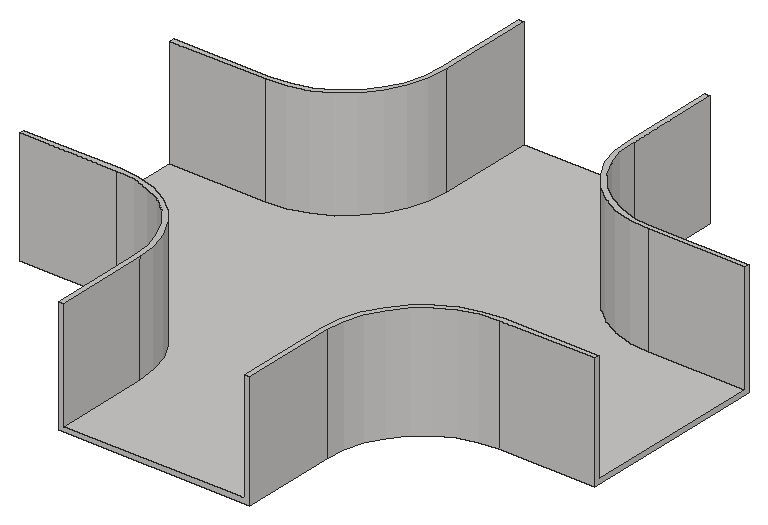
Revit family "S4R_OBO BETTERMANN_CableTray_DoubleTee_RKM FT", category Cable Tray Fittings, Revit 2012
Parameters
  Wholesaler = ""
  Watermarked By = "www.stabiplan.com"
  WIDTH3 [instance] = 100 mm
  WIDTH1 [instance] = 100 mm
  VERSION = "91900"  # constant formula
  URL = "www.stabiplan.com"
  built-in parameter 1140111 [instance] = 2.6 mm
  TYPE [instance] = "RKM FT"  # constant formula
  StabiCAD_PM = ""
  Smallest_L3_L4 [instance] = if(LENGTH3 - WIDTH1 / 2 > LENGTH4 - WIDTH1 / 2, LENGTH3 - WIDTH1 / 2, LENGTH4 - WIDTH1 / 2)  # 100 mm
  Smallest_L1_L2 [instance] = if(LENGTH1 - WIDTH3 / 2 > LENGTH2 - WIDTH3 / 2, LENGTH2 - WIDTH3 / 2, LENGTH1 - WIDTH3 / 2)  # 100 mm
  SmallestLength [instance] = if(Smallest_L1_L2 > Smallest_L3_L4, Smallest_L3_L4, Smallest_L1_L2)  # 100 mm
  RadiusWithThickness [instance] = Radius + [built-in parameter 1140111]  # 52.6 mm
  Radius Label [instance] = 490 mm  # constant formula
  Radius [instance] = 50 mm  # constant formula
  PRODUCTLINE [instance] = "OBO BETTERMANN CableTrays"  # constant formula
  Manufacturer = "OBO BETTERMANN"  # constant formula
  LENGTH4 [instance] = if(and(WIDTH1 = 100 mm, HEIGHT1 = 60 mm, WIDTH3 = 100 mm, ANGLE2 = 90.00°), 150 mm, if(and(WIDTH1 = 150 mm, HEIGHT1 = 60 mm, WIDTH3 = 150 mm, ANGLE2 = 90.00°), 175 mm, if(and(WIDTH1 = 200 mm, HEIGHT1 = 60 mm, WIDTH3 = 200 mm, ANGLE2 = 90.00°), 200 mm, if(and(WIDTH1 = 300 mm, HEIGHT1 = 60 mm, WIDTH3 = 300 mm, ANGLE2 = 90.00°), 250 mm, if(and(WIDTH1 = 400 mm, HEIGHT1 = 60 mm, WIDTH3 = 400 mm, ANGLE2 = 90.00°), 300 mm, if(and(WIDTH1 = 500 mm, HEIGHT1 = 60 mm, WIDTH3 = 500 mm, ANGLE2 = 90.00°), 350 mm, if(and(WIDTH1 = 600 mm, HEIGHT1 = 60 mm, WIDTH3 = 600 mm, ANGLE2 = 90.00°), 400 mm, if(and(WIDTH1 = 100 mm, HEIGHT1 = 110 mm, WIDTH3 = 100 mm, ANGLE2 = 90.00°), 150 mm, if(and(WIDTH1 = 150 mm, HEIGHT1 = 110 mm, WIDTH3 = 150 mm, ANGLE2 = 90.00°), 175 mm, if(and(WIDTH1 = 200 mm, HEIGHT1 = 110 mm, WIDTH3 = 200 mm, ANGLE2 = 90.00°), 200 mm, if(and(WIDTH1 = 300 mm, HEIGHT1 = 110 mm, WIDTH3 = 300 mm, ANGLE2 = 90.00°), 250 mm, if(and(WIDTH1 = 400 mm, HEIGHT1 = 110 mm, WIDTH3 = 400 mm, ANGLE2 = 90.00°), 300 mm, if(and(WIDTH1 = 500 mm, HEIGHT1 = 110 mm, WIDTH3 = 500 mm, ANGLE2 = 90.00°), 350 mm, if(and(WIDTH1 = 600 mm, HEIGHT1 = 110 mm, WIDTH3 = 600 mm, ANGLE2 = 90.00°), 400 mm, if(and(WIDTH1 = 100 mm, HEIGHT1 = 85 mm, WIDTH3 = 100 mm, ANGLE2 = 90.00°), 150 mm, if(and(WIDTH1 = 150 mm, HEIGHT1 = 85 mm, WIDTH3 = 150 mm, ANGLE2 = 90.00°), 175 mm, if(and(WIDTH1 = 200 mm, HEIGHT1 = 85 mm, WIDTH3 = 200 mm, ANGLE2 = 90.00°), 200 mm, if(and(WIDTH1 = 300 mm, HEIGHT1 = 85 mm, WIDTH3 = 300 mm, ANGLE2 = 90.00°), 250 mm, if(and(WIDTH1 = 400 mm, HEIGHT1 = 85 mm, WIDTH3 = 400 mm, ANGLE2 = 90.00°), 300 mm, if(and(WIDTH1 = 500 mm, HEIGHT1 = 85 mm, WIDTH3 = 500 mm, ANGLE2 = 90.00°), 350 mm, if(and(WIDTH1 = 600 mm, HEIGHT1 = 85 mm, WIDTH3 = 600 mm, ANGLE2 = 90.00°), 400 mm, WIDTH3 * 2)))))))))))))))))))))  # 150 mm
  LENGTH3 [instance] = if(and(WIDTH1 = 100 mm, HEIGHT1 = 60 mm, WIDTH3 = 100 mm, ANGLE2 = 90.00°), 150 mm, if(and(WIDTH1 = 150 mm, HEIGHT1 = 60 mm, WIDTH3 = 150 mm, ANGLE2 = 90.00°), 175 mm, if(and(WIDTH1 = 200 mm, HEIGHT1 = 60 mm, WIDTH3 = 200 mm, ANGLE2 = 90.00°), 200 mm, if(and(WIDTH1 = 300 mm, HEIGHT1 = 60 mm, WIDTH3 = 300 mm, ANGLE2 = 90.00°), 250 mm, if(and(WIDTH1 = 400 mm, HEIGHT1 = 60 mm, WIDTH3 = 400 mm, ANGLE2 = 90.00°), 300 mm, if(and(WIDTH1 = 500 mm, HEIGHT1 = 60 mm, WIDTH3 = 500 mm, ANGLE2 = 90.00°), 350 mm, if(and(WIDTH1 = 600 mm, HEIGHT1 = 60 mm, WIDTH3 = 600 mm, ANGLE2 = 90.00°), 400 mm, if(and(WIDTH1 = 100 mm, HEIGHT1 = 110 mm, WIDTH3 = 100 mm, ANGLE2 = 90.00°), 150 mm, if(and(WIDTH1 = 150 mm, HEIGHT1 = 110 mm, WIDTH3 = 150 mm, ANGLE2 = 90.00°), 175 mm, if(and(WIDTH1 = 200 mm, HEIGHT1 = 110 mm, WIDTH3 = 200 mm, ANGLE2 = 90.00°), 200 mm, if(and(WIDTH1 = 300 mm, HEIGHT1 = 110 mm, WIDTH3 = 300 mm, ANGLE2 = 90.00°), 250 mm, if(and(WIDTH1 = 400 mm, HEIGHT1 = 110 mm, WIDTH3 = 400 mm, ANGLE2 = 90.00°), 300 mm, if(and(WIDTH1 = 500 mm, HEIGHT1 = 110 mm, WIDTH3 = 500 mm, ANGLE2 = 90.00°), 350 mm, if(and(WIDTH1 = 600 mm, HEIGHT1 = 110 mm, WIDTH3 = 600 mm, ANGLE2 = 90.00°), 400 mm, if(and(WIDTH1 = 100 mm, HEIGHT1 = 85 mm, WIDTH3 = 100 mm, ANGLE2 = 90.00°), 150 mm, if(and(WIDTH1 = 150 mm, HEIGHT1 = 85 mm, WIDTH3 = 150 mm, ANGLE2 = 90.00°), 175 mm, if(and(WIDTH1 = 200 mm, HEIGHT1 = 85 mm, WIDTH3 = 200 mm, ANGLE2 = 90.00°), 200 mm, if(and(WIDTH1 = 300 mm, HEIGHT1 = 85 mm, WIDTH3 = 300 mm, ANGLE2 = 90.00°), 250 mm, if(and(WIDTH1 = 400 mm, HEIGHT1 = 85 mm, WIDTH3 = 400 mm, ANGLE2 = 90.00°), 300 mm, if(and(WIDTH1 = 500 mm, HEIGHT1 = 85 mm, WIDTH3 = 500 mm, ANGLE2 = 90.00°), 350 mm, if(and(WIDTH1 = 600 mm, HEIGHT1 = 85 mm, WIDTH3 = 600 mm, ANGLE2 = 90.00°), 400 mm, WIDTH3 * 2)))))))))))))))))))))  # 150 mm
  LENGTH2 [instance] = if(and(WIDTH1 = 100 mm, HEIGHT1 = 60 mm, WIDTH3 = 100 mm, ANGLE2 = 90.00°), 150 mm, if(and(WIDTH1 = 150 mm, HEIGHT1 = 60 mm, WIDTH3 = 150 mm, ANGLE2 = 90.00°), 175 mm, if(and(WIDTH1 = 200 mm, HEIGHT1 = 60 mm, WIDTH3 = 200 mm, ANGLE2 = 90.00°), 200 mm, if(and(WIDTH1 = 300 mm, HEIGHT1 = 60 mm, WIDTH3 = 300 mm, ANGLE2 = 90.00°), 250 mm, if(and(WIDTH1 = 400 mm, HEIGHT1 = 60 mm, WIDTH3 = 400 mm, ANGLE2 = 90.00°), 300 mm, if(and(WIDTH1 = 500 mm, HEIGHT1 = 60 mm, WIDTH3 = 500 mm, ANGLE2 = 90.00°), 350 mm, if(and(WIDTH1 = 600 mm, HEIGHT1 = 60 mm, WIDTH3 = 600 mm, ANGLE2 = 90.00°), 400 mm, if(and(WIDTH1 = 100 mm, HEIGHT1 = 110 mm, WIDTH3 = 100 mm, ANGLE2 = 90.00°), 150 mm, if(and(WIDTH1 = 150 mm, HEIGHT1 = 110 mm, WIDTH3 = 150 mm, ANGLE2 = 90.00°), 175 mm, if(and(WIDTH1 = 200 mm, HEIGHT1 = 110 mm, WIDTH3 = 200 mm, ANGLE2 = 90.00°), 200 mm, if(and(WIDTH1 = 300 mm, HEIGHT1 = 110 mm, WIDTH3 = 300 mm, ANGLE2 = 90.00°), 250 mm, if(and(WIDTH1 = 400 mm, HEIGHT1 = 110 mm, WIDTH3 = 400 mm, ANGLE2 = 90.00°), 300 mm, if(and(WIDTH1 = 500 mm, HEIGHT1 = 110 mm, WIDTH3 = 500 mm, ANGLE2 = 90.00°), 350 mm, if(and(WIDTH1 = 600 mm, HEIGHT1 = 110 mm, WIDTH3 = 600 mm, ANGLE2 = 90.00°), 400 mm, if(and(WIDTH1 = 100 mm, HEIGHT1 = 85 mm, WIDTH3 = 100 mm, ANGLE2 = 90.00°), 150 mm, if(and(WIDTH1 = 150 mm, HEIGHT1 = 85 mm, WIDTH3 = 150 mm, ANGLE2 = 90.00°), 175 mm, if(and(WIDTH1 = 200 mm, HEIGHT1 = 85 mm, WIDTH3 = 200 mm, ANGLE2 = 90.00°), 200 mm, if(and(WIDTH1 = 300 mm, HEIGHT1 = 85 mm, WIDTH3 = 300 mm, ANGLE2 = 90.00°), 250 mm, if(and(WIDTH1 = 400 mm, HEIGHT1 = 85 mm, WIDTH3 = 400 mm, ANGLE2 = 90.00°), 300 mm, if(and(WIDTH1 = 500 mm, HEIGHT1 = 85 mm, WIDTH3 = 500 mm, ANGLE2 = 90.00°), 350 mm, if(and(WIDTH1 = 600 mm, HEIGHT1 = 85 mm, WIDTH3 = 600 mm, ANGLE2 = 90.00°), 400 mm, WIDTH1 * 2)))))))))))))))))))))  # 150 mm
  LENGTH1 [instance] = if(and(WIDTH1 = 100 mm, HEIGHT1 = 60 mm, WIDTH3 = 100 mm, ANGLE2 = 90.00°), 150 mm, if(and(WIDTH1 = 150 mm, HEIGHT1 = 60 mm, WIDTH3 = 150 mm, ANGLE2 = 90.00°), 175 mm, if(and(WIDTH1 = 200 mm, HEIGHT1 = 60 mm, WIDTH3 = 200 mm, ANGLE2 = 90.00°), 200 mm, if(and(WIDTH1 = 300 mm, HEIGHT1 = 60 mm, WIDTH3 = 300 mm, ANGLE2 = 90.00°), 250 mm, if(and(WIDTH1 = 400 mm, HEIGHT1 = 60 mm, WIDTH3 = 400 mm, ANGLE2 = 90.00°), 300 mm, if(and(WIDTH1 = 500 mm, HEIGHT1 = 60 mm, WIDTH3 = 500 mm, ANGLE2 = 90.00°), 350 mm, if(and(WIDTH1 = 600 mm, HEIGHT1 = 60 mm, WIDTH3 = 600 mm, ANGLE2 = 90.00°), 400 mm, if(and(WIDTH1 = 100 mm, HEIGHT1 = 110 mm, WIDTH3 = 100 mm, ANGLE2 = 90.00°), 150 mm, if(and(WIDTH1 = 150 mm, HEIGHT1 = 110 mm, WIDTH3 = 150 mm, ANGLE2 = 90.00°), 175 mm, if(and(WIDTH1 = 200 mm, HEIGHT1 = 110 mm, WIDTH3 = 200 mm, ANGLE2 = 90.00°), 200 mm, if(and(WIDTH1 = 300 mm, HEIGHT1 = 110 mm, WIDTH3 = 300 mm, ANGLE2 = 90.00°), 250 mm, if(and(WIDTH1 = 400 mm, HEIGHT1 = 110 mm, WIDTH3 = 400 mm, ANGLE2 = 90.00°), 300 mm, if(and(WIDTH1 = 500 mm, HEIGHT1 = 110 mm, WIDTH3 = 500 mm, ANGLE2 = 90.00°), 350 mm, if(and(WIDTH1 = 600 mm, HEIGHT1 = 110 mm, WIDTH3 = 600 mm, ANGLE2 = 90.00°), 400 mm, if(and(WIDTH1 = 100 mm, HEIGHT1 = 85 mm, WIDTH3 = 100 mm, ANGLE2 = 90.00°), 150 mm, if(and(WIDTH1 = 150 mm, HEIGHT1 = 85 mm, WIDTH3 = 150 mm, ANGLE2 = 90.00°), 175 mm, if(and(WIDTH1 = 200 mm, HEIGHT1 = 85 mm, WIDTH3 = 200 mm, ANGLE2 = 90.00°), 200 mm, if(and(WIDTH1 = 300 mm, HEIGHT1 = 85 mm, WIDTH3 = 300 mm, ANGLE2 = 90.00°), 250 mm, if(and(WIDTH1 = 400 mm, HEIGHT1 = 85 mm, WIDTH3 = 400 mm, ANGLE2 = 90.00°), 300 mm, if(and(WIDTH1 = 500 mm, HEIGHT1 = 85 mm, WIDTH3 = 500 mm, ANGLE2 = 90.00°), 350 mm, if(and(WIDTH1 = 600 mm, HEIGHT1 = 85 mm, WIDTH3 = 600 mm, ANGLE2 = 90.00°), 400 mm, WIDTH1 * 2)))))))))))))))))))))  # 150 mm
  Internal art.no. = ""
  ISCUSTOM [instance] = if(and(WIDTH1 = 100 mm, HEIGHT1 = 60 mm, WIDTH3 = 100 mm, ANGLE2 = 90.00°), 1 = 0, if(and(WIDTH1 = 150 mm, HEIGHT1 = 60 mm, WIDTH3 = 150 mm, ANGLE2 = 90.00°), 1 = 0, if(and(WIDTH1 = 200 mm, HEIGHT1 = 60 mm, WIDTH3 = 200 mm, ANGLE2 = 90.00°), 1 = 0, if(and(WIDTH1 = 300 mm, HEIGHT1 = 60 mm, WIDTH3 = 300 mm, ANGLE2 = 90.00°), 1 = 0, if(and(WIDTH1 = 400 mm, HEIGHT1 = 60 mm, WIDTH3 = 400 mm, ANGLE2 = 90.00°), 1 = 0, if(and(WIDTH1 = 500 mm, HEIGHT1 = 60 mm, WIDTH3 = 500 mm, ANGLE2 = 90.00°), 1 = 0, if(and(WIDTH1 = 600 mm, HEIGHT1 = 60 mm, WIDTH3 = 600 mm, ANGLE2 = 90.00°), 1 = 0, if(and(WIDTH1 = 100 mm, HEIGHT1 = 110 mm, WIDTH3 = 100 mm, ANGLE2 = 90.00°), 1 = 0, if(and(WIDTH1 = 150 mm, HEIGHT1 = 110 mm, WIDTH3 = 150 mm, ANGLE2 = 90.00°), 1 = 0, if(and(WIDTH1 = 200 mm, HEIGHT1 = 110 mm, WIDTH3 = 200 mm, ANGLE2 = 90.00°), 1 = 0, if(and(WIDTH1 = 300 mm, HEIGHT1 = 110 mm, WIDTH3 = 300 mm, ANGLE2 = 90.00°), 1 = 0, if(and(WIDTH1 = 400 mm, HEIGHT1 = 110 mm, WIDTH3 = 400 mm, ANGLE2 = 90.00°), 1 = 0, if(and(WIDTH1 = 500 mm, HEIGHT1 = 110 mm, WIDTH3 = 500 mm, ANGLE2 = 90.00°), 1 = 0, if(and(WIDTH1 = 600 mm, HEIGHT1 = 110 mm, WIDTH3 = 600 mm, ANGLE2 = 90.00°), 1 = 0, if(and(WIDTH1 = 100 mm, HEIGHT1 = 85 mm, WIDTH3 = 100 mm, ANGLE2 = 90.00°), 1 = 0, if(and(WIDTH1 = 150 mm, HEIGHT1 = 85 mm, WIDTH3 = 150 mm, ANGLE2 = 90.00°), 1 = 0, if(and(WIDTH1 = 200 mm, HEIGHT1 = 85 mm, WIDTH3 = 200 mm, ANGLE2 = 90.00°), 1 = 0, if(and(WIDTH1 = 300 mm, HEIGHT1 = 85 mm, WIDTH3 = 300 mm, ANGLE2 = 90.00°), 1 = 0, if(and(WIDTH1 = 400 mm, HEIGHT1 = 85 mm, WIDTH3 = 400 mm, ANGLE2 = 90.00°), 1 = 0, if(and(WIDTH1 = 500 mm, HEIGHT1 = 85 mm, WIDTH3 = 500 mm, ANGLE2 = 90.00°), 1 = 0, if(and(WIDTH1 = 600 mm, HEIGHT1 = 85 mm, WIDTH3 = 600 mm, ANGLE2 = 90.00°), 1 = 0, 1 = 1)))))))))))))))))))))  # no
  IFCExportType = ""
  IFCExportAs = ""
  HEIGHT1 [instance] = 60 mm
  GTINNUMBER [instance] = if(and(WIDTH1 = 100 mm, HEIGHT1 = 60 mm, WIDTH3 = 100 mm, ANGLE2 = 90.00°), "4012195927471", if(and(WIDTH1 = 150 mm, HEIGHT1 = 60 mm, WIDTH3 = 150 mm, ANGLE2 = 90.00°), "4012195927488", if(and(WIDTH1 = 200 mm, HEIGHT1 = 60 mm, WIDTH3 = 200 mm, ANGLE2 = 90.00°), "4012195927518", if(and(WIDTH1 = 300 mm, HEIGHT1 = 60 mm, WIDTH3 = 300 mm, ANGLE2 = 90.00°), "4012195927525", if(and(WIDTH1 = 400 mm, HEIGHT1 = 60 mm, WIDTH3 = 400 mm, ANGLE2 = 90.00°), "4012195927532", if(and(WIDTH1 = 500 mm, HEIGHT1 = 60 mm, WIDTH3 = 500 mm, ANGLE2 = 90.00°), "4012195927549", if(and(WIDTH1 = 600 mm, HEIGHT1 = 60 mm, WIDTH3 = 600 mm, ANGLE2 = 90.00°), "4012195927587", if(and(WIDTH1 = 100 mm, HEIGHT1 = 110 mm, WIDTH3 = 100 mm, ANGLE2 = 90.00°), "4012195928157", if(and(WIDTH1 = 150 mm, HEIGHT1 = 110 mm, WIDTH3 = 150 mm, ANGLE2 = 90.00°), "4012195928164", if(and(WIDTH1 = 200 mm, HEIGHT1 = 110 mm, WIDTH3 = 200 mm, ANGLE2 = 90.00°), "4012195928171", if(and(WIDTH1 = 300 mm, HEIGHT1 = 110 mm, WIDTH3 = 300 mm, ANGLE2 = 90.00°), "4012195928188", if(and(WIDTH1 = 400 mm, HEIGHT1 = 110 mm, WIDTH3 = 400 mm, ANGLE2 = 90.00°), "4012195928195", if(and(WIDTH1 = 500 mm, HEIGHT1 = 110 mm, WIDTH3 = 500 mm, ANGLE2 = 90.00°), "4012195928201", if(and(WIDTH1 = 600 mm, HEIGHT1 = 110 mm, WIDTH3 = 600 mm, ANGLE2 = 90.00°), "4012195928218", if(and(WIDTH1 = 100 mm, HEIGHT1 = 85 mm, WIDTH3 = 100 mm, ANGLE2 = 90.00°), "4012195927839", if(and(WIDTH1 = 150 mm, HEIGHT1 = 85 mm, WIDTH3 = 150 mm, ANGLE2 = 90.00°), "4012195927846", if(and(WIDTH1 = 200 mm, HEIGHT1 = 85 mm, WIDTH3 = 200 mm, ANGLE2 = 90.00°), "4012195927853", if(and(WIDTH1 = 300 mm, HEIGHT1 = 85 mm, WIDTH3 = 300 mm, ANGLE2 = 90.00°), "4012195927860", if(and(WIDTH1 = 400 mm, HEIGHT1 = 85 mm, WIDTH3 = 400 mm, ANGLE2 = 90.00°), "4012195927877", if(and(WIDTH1 = 500 mm, HEIGHT1 = 85 mm, WIDTH3 = 500 mm, ANGLE2 = 90.00°), "4012195927884", if(and(WIDTH1 = 600 mm, HEIGHT1 = 85 mm, WIDTH3 = 600 mm, ANGLE2 = 90.00°), "4012195927891", "Unknown")))))))))))))))))))))  # "4012195927471"
  ETIM article class = ""
  Description = "Horizontal CableTray Double Tee"
  DEEPLINK = "http://catalog1.obo-bettermann.com/catalogue/catalogue.do?forward=showProductGroup&act=showIO&favOid=kts_438365&action=showManyProducts&lang=de&OID=kts_438365&catId="
  Copyright = "© Stabiplan BV / Stabiplan International BV"  # constant formula
  CT4 [instance] = 1
  CT3 [instance] = 1
  CT2 [instance] = 1
  CT1 [instance] = 1
  BodyColor = Steel
  Assembly Code = ""
  ARTICLENUMBER [instance] = if(and(WIDTH1 = 100 mm, HEIGHT1 = 60 mm, WIDTH3 = 100 mm, ANGLE2 = 90.00°), "7027021", if(and(WIDTH1 = 150 mm, HEIGHT1 = 60 mm, WIDTH3 = 150 mm, ANGLE2 = 90.00°), "7027023", if(and(WIDTH1 = 200 mm, HEIGHT1 = 60 mm, WIDTH3 = 200 mm, ANGLE2 = 90.00°), "7027025", if(and(WIDTH1 = 300 mm, HEIGHT1 = 60 mm, WIDTH3 = 300 mm, ANGLE2 = 90.00°), "7027027", if(and(WIDTH1 = 400 mm, HEIGHT1 = 60 mm, WIDTH3 = 400 mm, ANGLE2 = 90.00°), "7027029", if(and(WIDTH1 = 500 mm, HEIGHT1 = 60 mm, WIDTH3 = 500 mm, ANGLE2 = 90.00°), "7027031", if(and(WIDTH1 = 600 mm, HEIGHT1 = 60 mm, WIDTH3 = 600 mm, ANGLE2 = 90.00°), "7027033", if(and(WIDTH1 = 100 mm, HEIGHT1 = 110 mm, WIDTH3 = 100 mm, ANGLE2 = 90.00°), "7027181", if(and(WIDTH1 = 150 mm, HEIGHT1 = 110 mm, WIDTH3 = 150 mm, ANGLE2 = 90.00°), "7027183", if(and(WIDTH1 = 200 mm, HEIGHT1 = 110 mm, WIDTH3 = 200 mm, ANGLE2 = 90.00°), "7027185", if(and(WIDTH1 = 300 mm, HEIGHT1 = 110 mm, WIDTH3 = 300 mm, ANGLE2 = 90.00°), "7027187", if(and(WIDTH1 = 400 mm, HEIGHT1 = 110 mm, WIDTH3 = 400 mm, ANGLE2 = 90.00°), "7027189", if(and(WIDTH1 = 500 mm, HEIGHT1 = 110 mm, WIDTH3 = 500 mm, ANGLE2 = 90.00°), "7027191", if(and(WIDTH1 = 600 mm, HEIGHT1 = 110 mm, WIDTH3 = 600 mm, ANGLE2 = 90.00°), "7027193", if(and(WIDTH1 = 100 mm, HEIGHT1 = 85 mm, WIDTH3 = 100 mm, ANGLE2 = 90.00°), "7027101", if(and(WIDTH1 = 150 mm, HEIGHT1 = 85 mm, WIDTH3 = 150 mm, ANGLE2 = 90.00°), "7027103", if(and(WIDTH1 = 200 mm, HEIGHT1 = 85 mm, WIDTH3 = 200 mm, ANGLE2 = 90.00°), "7027105", if(and(WIDTH1 = 300 mm, HEIGHT1 = 85 mm, WIDTH3 = 300 mm, ANGLE2 = 90.00°), "7027107", if(and(WIDTH1 = 400 mm, HEIGHT1 = 85 mm, WIDTH3 = 400 mm, ANGLE2 = 90.00°), "7027109", if(and(WIDTH1 = 500 mm, HEIGHT1 = 85 mm, WIDTH3 = 500 mm, ANGLE2 = 90.00°), "7027111", if(and(WIDTH1 = 600 mm, HEIGHT1 = 85 mm, WIDTH3 = 600 mm, ANGLE2 = 90.00°), "7027113", "Unknown")))))))))))))))))))))  # "7027021"
  ARTICLEDESCRIPTION [instance] = "Horizontal CableTray Double Tee"
  ANGLE2 [instance] = 90.00°  # constant formula
Reference planes
  plane 1 "Center (Front/Back)": y = 0
  plane 2: z = 0
  plane 3 "Center (Left/Right)": x = 0
  plane 4: y = 50
  plane 5: y = -50
  plane 6: z = 30
  plane 7: z = -30
  plane 8: y = -100
  plane 9: x = -50
  plane 10: x = 50
  plane 11: x = -100
  plane 12: x = 100
  plane 13: y = -47.4
  plane 14: y = 47.4
  plane 15: y = -150
  plane 16: x = -47.4
  plane 17: x = 47.4
  plane 18: x = -150
  plane 19: x = 150
  plane 20: z = -27.4
  plane 21: y = 100
  plane 22: y = 150
Forms (mm)
  Extrusion 1, solid, material "Steel" <- "BodyColor", detail levels fine
    sketch origin (0, 0, 0) x (1, 0, 0) y (0, 1, 0)
      loop
        arc (-100, -50) -> (-64.645, -64.645) -> (-50, -100) r 50
        line (-50, -100) -> (-50, -150) -> (-47.4, -150) -> (-47.4, -100)
        arc (-47.4, -100) -> (-62.806, -62.806) -> (-100, -47.4) r 52.6
        line (-100, -47.4) -> (-150, -47.4) -> (-150, -50) -> (-100, -50)
      loop
        line (100, -50) -> (150, -50) -> (150, -47.4) -> (100, -47.4)
        arc (100, -47.4) -> (62.806, -62.806) -> (47.4, -100) r 52.6
        line (47.4, -100) -> (47.4, -150) -> (50, -150) -> (50, -100)
        arc (50, -100) -> (64.645, -64.645) -> (100, -50) r 50
      loop
        arc (-50, 100) -> (-64.645, 64.645) -> (-100, 50) r 50
        line (-100, 50) -> (-150, 50) -> (-150, 47.4) -> (-100, 47.4)
        arc (-100, 47.4) -> (-62.806, 62.806) -> (-47.4, 100) r 52.6
        line (-47.4, 100) -> (-47.4, 150) -> (-50, 150) -> (-50, 100)
      loop
        line (47.4, 150) -> (47.4, 100)
        arc (47.4, 100) -> (62.806, 62.806) -> (100, 47.4) r 52.6
        line (100, 47.4) -> (150, 47.4) -> (150, 50) -> (100, 50)
        arc (100, 50) -> (64.645, 64.645) -> (50, 100) r 50
        line (50, 100) -> (50, 150) -> (47.4, 150)
    from -30 to 30
  Extrusion 2, solid, material "Steel" <- "BodyColor", detail levels fine
    sketch origin (0, 0, 0) x (1, 0, 0) y (0, 1, 0)
      loop
        arc (-100, -50) -> (-64.645, -64.645) -> (-50, -100) r 50
        line (-50, -100) -> (-50, -150) -> (50, -150) -> (50, -100)
        arc (50, -100) -> (64.645, -64.645) -> (100, -50) r 50
        line (100, -50) -> (150, -50) -> (150, 50) -> (100, 50)
        arc (100, 50) -> (64.645, 64.645) -> (50, 100) r 50
        line (50, 100) -> (50, 150) -> (-50, 150) -> (-50, 100)
        arc (-50, 100) -> (-64.645, 64.645) -> (-100, 50) r 50
        line (-100, 50) -> (-150, 50) -> (-150, -50) -> (-100, -50)
    from -30 to -27.4
  Extrusion 3, solid, material "Steel" <- "BodyColor", detail levels medium
    sketch origin (0, 0, 0) x (1, 0, 0) y (0, 1, 0)
      loop
        arc (-100, -50) -> (-64.645, -64.645) -> (-50, -100) r 50
        line (-50, -100) -> (-50, -150) -> (50, -150) -> (50, -100)
        arc (50, -100) -> (64.645, -64.645) -> (100, -50) r 50
        line (100, -50) -> (150, -50) -> (150, 50) -> (100, 50)
        arc (100, 50) -> (64.645, 64.645) -> (50, 100) r 50
        line (50, 100) -> (50, 150) -> (-50, 150) -> (-50, 100)
        arc (-50, 100) -> (-64.645, 64.645) -> (-100, 50) r 50
        line (-100, 50) -> (-150, 50) -> (-150, -50) -> (-100, -50)
    from -30 to 30
Cuts and joins
  joined: Extrusion 1, Extrusion 2
Lines and regions (mm)
  model lines, style "Coarse", detail levels coarse
    curve 1: line (-150, 0, 0) -> (150, 0, 0)
    curve 2: line (0, 0, 0) -> (0, -150, 0)
    curve 3: line (0, 150, 0) -> (0, 0, 0)
Dimensions and locks
  equal spacing: plane 4, plane 1 "Center (Front/Back)", plane 5
  "WIDTH1": plane 4 to plane 5
  equal spacing: plane 6, plane 2, plane 7
  "HEIGHT1": plane 6 to plane 7
  "Radius": plane 5 to plane 8
  equal spacing: plane 9, plane 3 "Center (Left/Right)", plane 10
  "WIDTH3": plane 9 to plane 10
  "Radius": plane 11 to plane 9
  "Radius": plane 10 to plane 12
  "built-in parameter 1140111": plane 13 to plane 5
  "built-in parameter 1140111": plane 4 to plane 14
  "built-in parameter 1140111": plane 9 to plane 16
  "built-in parameter 1140111": plane 17 to plane 10
  "built-in parameter 1140111": plane 20 to plane 7
  "Radius": plane 21 to plane 4
  "LENGTH1": plane 18 to plane 3 "Center (Left/Right)"
  "LENGTH2": plane 3 "Center (Left/Right)" to plane 19
  "LENGTH3": plane 1 "Center (Front/Back)" to plane 22
  "LENGTH4": plane 15 to plane 1 "Center (Front/Back)"
  "Radius": radius of Extrusion 1 sketch curve  (x4)
  "RadiusWithThickness": radius of Extrusion 1 sketch curve  (x4)
  "Radius": radius of Extrusion 2 sketch curve  (x4)
  "Radius": radius of Extrusion 3 sketch curve  (x4)
  aligned and locked: plane 8 to Extrusion 1 sketch curve  (x8)
  aligned and locked: plane 11 to Extrusion 1 sketch curve  (x6)
  aligned and locked: Extrusion 1 sketch curve to plane 13
  aligned and locked: plane 18 to Extrusion 1 sketch curve  (x2)
  aligned and locked: Extrusion 1 sketch curve to plane 5
  aligned and locked: Extrusion 1 sketch curve to plane 9  (x2)
  aligned and locked: plane 15 to Extrusion 1 sketch curve  (x2)
  aligned and locked: Extrusion 1 sketch curve to plane 16  (x2)
  aligned and locked: plane 16 to Extrusion 1 sketch curve
  aligned and locked: plane 9 to Extrusion 1 sketch curve
  aligned and locked: Extrusion 1 sketch curve to plane 15  (x2)
  aligned and locked: Extrusion 1 sketch curve to plane 18  (x2)
  aligned and locked: Extrusion 1 to plane 7
  aligned and locked: plane 6 to Extrusion 1
  aligned and locked: plane 12 to Extrusion 1 sketch curve  (x6)
  aligned and locked: plane 19 to Extrusion 1 sketch curve  (x3)
  aligned and locked: plane 5 to Extrusion 1 sketch curve
  aligned and locked: plane 13 to Extrusion 1 sketch curve
  aligned and locked: Extrusion 1 sketch curve to plane 19
  aligned and locked: Extrusion 1 sketch curve to plane 17
  aligned and locked: Extrusion 1 sketch curve to plane 10  (x2)
  aligned and locked: plane 10 to Extrusion 1 sketch curve
  aligned and locked: plane 17 to Extrusion 1 sketch curve  (x2)
  aligned and locked: plane 8 to Extrusion 2 sketch curve  (x4)
  aligned and locked: plane 11 to Extrusion 2 sketch curve  (x4)
  aligned and locked: plane 12 to Extrusion 2 sketch curve  (x4)
  aligned and locked: plane 18 to Extrusion 2 sketch curve  (x2)
  aligned and locked: Extrusion 2 sketch curve to plane 5
  aligned and locked: plane 4 to Extrusion 2 sketch curve
  aligned and locked: plane 5 to Extrusion 2 sketch curve
  aligned and locked: plane 19 to Extrusion 2 sketch curve  (x2)
  aligned and locked: plane 15 to Extrusion 2 sketch curve
  aligned and locked: plane 10 to Extrusion 2 sketch curve
  aligned and locked: plane 9 to Extrusion 2 sketch curve
  aligned and locked: Extrusion 2 sketch curve to plane 15
  aligned and locked: Extrusion 2 to plane 7
  aligned and locked: plane 20 to Extrusion 2
  aligned and locked: plane 8 to Extrusion 3 sketch curve  (x3)
  aligned and locked: plane 11 to Extrusion 3 sketch curve  (x4)
  aligned and locked: plane 18 to Extrusion 3 sketch curve  (x2)
  aligned and locked: Extrusion 3 sketch curve to plane 5  (x2)
  aligned and locked: plane 4 to Extrusion 3 sketch curve  (x2)
  aligned and locked: plane 5 to Extrusion 3 sketch curve
  aligned and locked: plane 12 to Extrusion 3 sketch curve  (x3)
  aligned and locked: plane 19 to Extrusion 3 sketch curve  (x2)
  aligned and locked: plane 15 to Extrusion 3 sketch curve
  aligned and locked: Extrusion 3 sketch curve to plane 10  (x2)
  aligned and locked: plane 10 to Extrusion 3 sketch curve
  aligned and locked: plane 9 to Extrusion 3 sketch curve
  aligned and locked: Extrusion 3 sketch curve to plane 15
  aligned and locked: Extrusion 3 to plane 7
  aligned and locked: plane 6 to Extrusion 3
  aligned and locked: plane 19 to curve 1
  aligned and locked: plane 1 "Center (Front/Back)" to curve 2
  aligned and locked: curve 2 to plane 3 "Center (Left/Right)"
  aligned and locked: plane 21 to Extrusion 1 sketch curve  (x6)
  aligned and locked: Extrusion 1 sketch curve to plane 14  (x2)
  aligned and locked: Extrusion 1 sketch curve to plane 4  (x2)
  aligned and locked: plane 22 to Extrusion 1 sketch curve  (x4)
  aligned and locked: plane 4 to Extrusion 1 sketch curve
  aligned and locked: plane 14 to Extrusion 1 sketch curve
  aligned and locked: plane 21 to Extrusion 3 sketch curve  (x3)
  aligned and locked: Extrusion 3 sketch curve to plane 4
  aligned and locked: plane 22 to Extrusion 3 sketch curve  (x2)
  aligned and locked: Extrusion 3 sketch curve to plane 9
  aligned and locked: plane 21 to Extrusion 2 sketch curve  (x3)
  aligned and locked: plane 22 to Extrusion 2 sketch curve  (x2)
  aligned and locked: Extrusion 2 sketch curve to plane 9
  aligned and locked: Extrusion 2 sketch curve to plane 10
  aligned and locked: Extrusion 2 sketch curve to plane 4
  aligned and locked: curve 3 to plane 3 "Center (Left/Right)"
Automatic sketch dimensions
  curve 1 to plane 18 = 0 mm
  plane 22 to curve 3 = 0 mm
  curve 2 to plane 15 = 0 mm
Connectors
  cabletrayconduit at (-150, 0, 0), driven by "HEIGHT1", driven by "WIDTH1"
    settings: on Extrusion 3, index 1, connector width 100 mm, connector height 60 mm, connector radius 304.8 mm, connector angle 0.00°, system type 32, placement type 0, profile type 1, connector reference index 2, is primary connector yes, connector utility param no, connector description ""
  cabletrayconduit at (150, 0, 0), driven by "HEIGHT1", driven by "WIDTH1"
    settings: on Extrusion 3, index 2, connector width 100 mm, connector height 60 mm, connector radius 304.8 mm, connector angle 0.00°, system type 32, placement type 0, profile type 1, connector reference index 1, is primary connector no, connector utility param no, connector description ""
  cabletrayconduit at (0, -150, 0), driven by "HEIGHT1", driven by "WIDTH3"
    settings: on Extrusion 3, index 3, connector width 100 mm, connector height 60 mm, connector radius 304.8 mm, connector angle 0.00°, system type 32, placement type 0, profile type 1, connector reference index 4, is primary connector no, connector utility param no, connector description ""
  cabletrayconduit at (0, 150, 0), driven by "HEIGHT1", driven by "WIDTH3"
    settings: on Extrusion 3, index 4, connector width 100 mm, connector height 60 mm, connector radius 304.8 mm, connector angle 0.00°, system type 32, placement type 0, profile type 1, connector reference index 3, is primary connector no, connector utility param no, connector description ""
